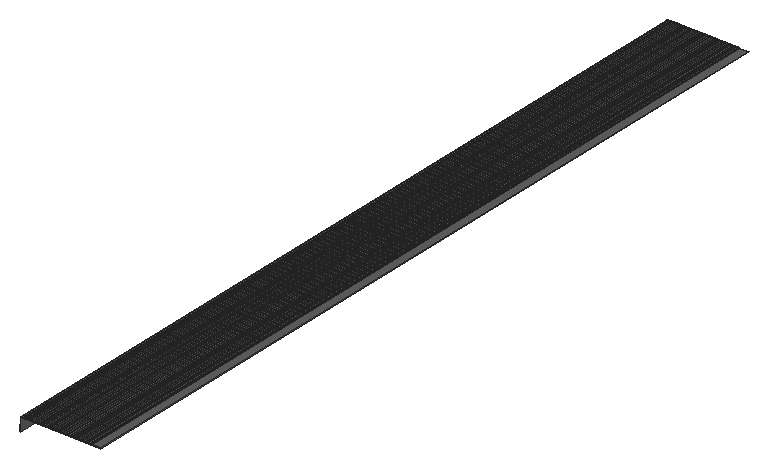
Revit family "111213010058804", category Modelos genéricos, Revit 2018
Family settings
  Puede alojar armadura = No
  Cota de conector redondo = Diámetro de uso
  Tipo de pieza = Normal
  Se basa en plano de trabajo = No
  Siempre vertical = No
  Corte con vacíos al cargar = No
  Compartido = No
  Punto de cálculo de habitación = No
Parameters (values of type "GRADA NEO PVC 300X50MM NEGRO TIRA 3.00")
  Ventajas = "Autoextinguible"
  Uso = "Fabricado en PVC, ideal para zonas de medio y alto trafico, con estrías\r\nantideslizantes. Ideal para: Edificios Públicos y Privados, Colegios, Universidades, Centros\r\ncomerciales, Aeropuertos, Hoteles, Edificios Habitacionales, entre otros."
  Unidad = "Tiras de 1.20 Mts y 3.00 Mts."
  URL = "https://www.empresascnp.cl/"
  Num SKUs = "111213010058804"
  Nombre SKU = "GRADA NEO PVC 300X50MM NEGRO TIRA 3MT"
  Modelo = "GRADA NEO PVC 300X50MM"
  Material = PVC flexible negro
  Url Ficha tecnica = "https://empresascnp.cl/wp-content/uploads//pdf/ficha-tecnica-grada-neo-pvc-300x50mm-gris-tira-1-2mt.pdf"
  Largo = 3000.00 mm
  Espesor = 2.00 mm
  Empresa = "CNP SPA."
  Dureza = "80 shore A"
  Dimension = 300.00 mm
  Descripción = "Grada Neo 300x50 MM."
  Contacto = "info@empresascnp.cl"
  Color = "NEGRO"
  Aplicacion = "Escaleras"
  Alto = 50.00 mm
Reference planes
  plane 1 "Center F/B": y = 0
  plane 2: z = 0
  plane 3 "Center L/R": x = 0
  plane 4: z = -50
  plane 5 "2": y = 1500
  plane 6 "3": y = -1500
  plane 7: x = 300
  plane 8: z = -2
  plane 9 "4": x = 2
Forms (mm)
  Extrusion 1, solid, material "PVC flexible negro" <- "Material"
    sketch origin (0, 0, 0) x (1, 0, 0) y (0, 0, 1)
      loop
        line (300, 0) -> (270, 0) -> (270, -0.79) -> (266, -0.79) -> (266, 0) -> (264, 0) -> (264, -0.79) -> (263, -0.79) -> (263, 0) -> (261, 0) -> (261, -0.79) -> (260, -0.79) -> (260, 0) -> (258, 0) -> (258, -0.79) -> (257, -0.79) -> (257, 0) -> (255, 0) -> (255, -0.79) -> (251, -0.79) -> (251, 0) -> (249, 0) -> (249, -0.79) -> (248, -0.79) -> (248, 0) -> (246, 0) -> (246, -0.79) -> (245, -0.79) -> (245, 0) -> (243, 0) -> (243, -0.79) -> (242, -0.79) -> (242, 0) -> (240, 0) -> (240, -0.79) -> (236, -0.79) -> (236, 0) -> (234, 0) -> (234, -0.79) -> (233, -0.79) -> (233, 0) -> (231, 0) -> (231, -0.79) -> (230, -0.79) -> (230, 0) -> (228, 0) -> (228, -0.79) -> (227, -0.79) -> (227, 0) -> (225, 0) -> (225, -0.79) -> (221, -0.79) -> (221, 0) -> (219, 0) -> (219, -0.79) -> (218, -0.79) -> (218, 0) -> (216, 0) -> (216, -0.79) -> (215, -0.79) -> (215, 0) -> (213, 0) -> (213, -0.79) -> (212, -0.79) -> (212, 0) -> (210, 0) -> (210, -0.79) -> (206, -0.79) -> (206, 0) -> (204, 0) -> (204, -0.79) -> (203, -0.79) -> (203, 0) -> (201, 0) -> (201, -0.79) -> (200, -0.79) -> (200, 0) -> (198, 0) -> (198, -0.79) -> (197, -0.79) -> (197, 0) -> (195, 0) -> (195, -0.79) -> (191, -0.79) -> (191, 0) -> (189, 0) -> (189, -0.79) -> (188, -0.79) -> (188, 0) -> (186, 0) -> (186, -0.79) -> (185, -0.79) -> (185, 0) -> (183, 0) -> (183, -0.79) -> (182, -0.79) -> (182, 0) -> (180, 0) -> (180, -0.79) -> (176, -0.79) -> (176, 0) -> (174, 0) -> (174, -0.79) -> (173, -0.79) -> (173, 0) -> (171, 0) -> (171, -0.79) -> (170, -0.79) -> (170, 0) -> (168, 0) -> (168, -0.79) -> (167, -0.79) -> (167, 0) -> (165, 0) -> (165, -0.79) -> (161, -0.79) -> (161, 0) -> (159, 0) -> (159, -0.79) -> (158, -0.79) -> (158, 0) -> (156, 0) -> (156, -0.79) -> (155, -0.79) -> (155, 0) -> (153, 0) -> (153, -0.79) -> (152, -0.79) -> (152, 0) -> (150, 0) -> (150, -0.79) -> (146, -0.79) -> (146, 0) -> (144, 0) -> (144, -0.79) -> (143, -0.79) -> (143, 0) -> (141, 0) -> (141, -0.79) -> (140, -0.79) -> (140, 0) -> (138, 0) -> (138, -0.79) -> (137, -0.79) -> (137, 0) -> (135, 0) -> (135, -0.79) -> (131, -0.79) -> (131, 0) -> (129, 0) -> (129, -0.79) -> (128, -0.79) -> (128, 0) -> (126, 0) -> (126, -0.79) -> (125, -0.79) -> (125, 0) -> (123, 0) -> (123, -0.79) -> (122, -0.79) -> (122, 0) -> (120, 0) -> (120, -0.79) -> (116, -0.79) -> (116, 0) -> (114, 0) -> (114, -0.79) -> (113, -0.79) -> (113, 0) -> (111, 0) -> (111, -0.79) -> (110, -0.79) -> (110, 0) -> (108, 0) -> (108, -0.79) -> (107, -0.79) -> (107, 0) -> (105, 0) -> (105, -0.79) -> (101, -0.79) -> (101, 0) -> (99, 0) -> (99, -0.79) -> (98, -0.79) -> (98, 0) -> (96, 0) -> (96, -0.79) -> (95, -0.79) -> (95, 0) -> (93, 0) -> (93, -0.79) -> (92, -0.79) -> (92, 0) -> (90, 0) -> (90, -0.79) -> (86, -0.79) -> (86, 0) -> (84, 0) -> (84, -0.79) -> (83, -0.79) -> (83, 0) -> (81, 0) -> (81, -0.79) -> (80, -0.79) -> (80, 0) -> (78, 0) -> (78, -0.79) -> (77, -0.79) -> (77, 0) -> (75, 0) -> (75, -0.79) -> (71, -0.79) -> (71, 0) -> (69, 0) -> (69, -0.79) -> (68, -0.79) -> (68, 0) -> (66, 0) -> (66, -0.79) -> (65, -0.79) -> (65, 0) -> (63, 0) -> (63, -0.79) -> (62, -0.79) -> (62, 0) -> (60, 0) -> (60, -0.79) -> (56, -0.79) -> (56, 0) -> (54, 0) -> (54, -0.79) -> (53, -0.79) -> (53, 0) -> (51, 0) -> (51, -0.79) -> (50, -0.79) -> (50, 0) -> (48, 0) -> (48, -0.79) -> (47, -0.79) -> (47, 0) -> (45, 0) -> (45, -0.79) -> (41, -0.79) -> (41, 0) -> (39, 0) -> (39, -0.79) -> (38, -0.79) -> (38, 0) -> (36, 0) -> (36, -0.79) -> (35, -0.79) -> (35, 0) -> (33, 0) -> (33, -0.79) -> (32, -0.79) -> (32, 0) -> (30, 0) -> (30, -0.79) -> (26, -0.79) -> (26, 0) -> (24, 0) -> (24, -0.79) -> (23, -0.79) -> (23, 0) -> (21, 0) -> (21, -0.79) -> (20, -0.79) -> (20, 0) -> (18, 0) -> (18, -0.79) -> (17, -0.79) -> (17, 0) -> (15, 0) -> (15, -0.79) -> (11, -0.79) -> (11, 0) -> (3, 0)
        arc (3, 0) -> (0.879, -0.879) -> (0, -3) r 3
        line (0, -3) -> (0, -50) -> (2, -50) -> (2, -3)
        arc (2, -3) -> (2.293, -2.293) -> (3, -2) r 1
        line (3, -2) -> (300, -2) -> (300, 0)
    from -1500 to 1500
Dimensions and locks
  "Alto": level to plane 4
  equal spacing: plane 6 "3", plane 1 "Center F/B", plane 5 "2"
  "Largo": plane 6 "3" to plane 5 "2"
  "Dimension": plane 7 to plane 3 "Center L/R"
  "Espesor": plane 2 to Extrusion 1 sketch curve
  "Espesor": Extrusion 1 sketch curve to plane 3 "Center L/R"
  aligned and locked: plane 6 "3" to Extrusion 1
  aligned and locked: Extrusion 1 to plane 5 "2"
  aligned and locked: Extrusion 1 sketch curve to plane 3 "Center L/R"
  aligned and locked: plane 2 to Extrusion 1 sketch curve
  aligned and locked: Extrusion 1 sketch curve to plane 7
  aligned and locked: plane 4 to Extrusion 1 sketch curve
Automatic sketch dimensions
  Extrusion 1 sketch curve to Extrusion 1 sketch curve = 0.00 mm  (x2)
  Extrusion 1 sketch curve to level = 0.00 mm  (x68)
  plane 9 "4" to Extrusion 1 sketch curve = 1.00 mm
  Extrusion 1 sketch curve to level = 0.79 mm  (x69)
  Extrusion 1 sketch curve to Extrusion 1 sketch curve = 8.00 mm
  Extrusion 1 sketch curve to Extrusion 1 sketch curve = 4.00 mm  (x18)
  Extrusion 1 sketch curve to Extrusion 1 sketch curve = 2.00 mm  (x68)
  Extrusion 1 sketch curve to Extrusion 1 sketch curve = 1.00 mm  (x51)
